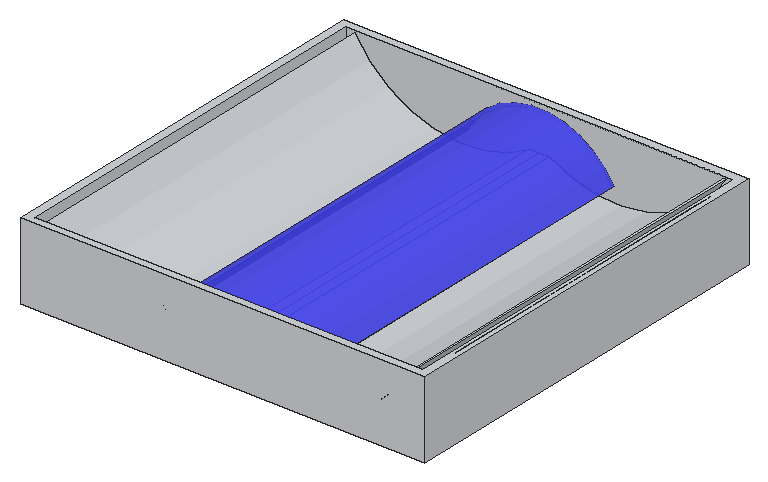
Revit family "LTRE22-SURFACE", category Lighting Fixtures, host Face, Revit 2021
Family settings
  Host = Face
  Round Connector Dimension = Use Diameter
  Part Type = Normal
  Cut with Voids When Loaded = No
  Light Source = Yes
  Shared = No
  Room Calculation Point = No
Parameters (values of type "LTRE24-40MLG-RFA-ESD")
  Wattage Comments = "51"
  Wattage = 9.2903 W
  WIDTH = 2' - 0"
  built-in parameter 1150110 = 1 (stored number, unit not read)
  Voltage = 0 V
  URL = "https://www.currentlighting.com/columbia"
  built-in parameter 1114217 = 1 (stored number, unit not read)
  Tilt Angle = 90.00°
  built-in parameter 1150109 = 1 (stored number, unit not read)
  built-in parameter 1150134 = 3
  built-in parameter 1150113 = 1 (stored number, unit not read)
  Shield = Glass
  Product Page URL = ""
  Product Documentation Link = ""
  Power Factor = 1
  Photometric Web File = "6828.ies"
  Number of Poles = 1
  Model = "LTRE22"
  Manufacturer = "COLUMBIA"
  built-in parameter 1150105 = -1556640 (stored number, unit not read)
  Lumens = 1380 lm
  built-in parameter 1150115 = 1 (stored number, unit not read)
  built-in parameter 1150137 = (empty or 0)
  built-in parameter 1150139 = (empty or 0)
  built-in parameter 1150112 = 1 (stored number, unit not read)
  built-in parameter 1150114 = 1 (stored number, unit not read)
  Lamp = ""
  LEGNTH = 4' - 6"
  built-in parameter 1150132 = (empty or 0)
  built-in parameter 1150102 = (empty or 0)
  built-in parameter 1150107 = 3200 (stored number, unit not read)
  built-in parameter 1150138 = (empty or 0)
  built-in parameter 1150106 = -15566.4 (stored number, unit not read)
  Emit from Line Length = 2' - 0"
  built-in parameter 1150104 = 13.8 (stored number, unit not read)
  Dimming Lamp Color Temperature Shift = <None>
  Default Elevation = 4' - 0"
  Color Filter = 16777215
  built-in parameter 1114218 = 1 (stored number, unit not read)
  built-in parameter 1150133 = 10 (stored number, unit not read)
  Apparent Load = 0 VA
Types (19): name | Wattage Comments | URL | Photometric Web File
  (no name) | "51" | "https://www.currentlighting.com/columbia" | "6828.ies"
  LTRE22-30HLG-RFA-EU | "40" | "https://www.currentlighting.com/columbia" | "6811.ies"
  LTRE22-30LWG-RFA-EU | "24" | "https://www.currentlighting.com/columbia" | "6805.ies"
  LTRE22-30MLG-RFA-EU | "30" | "https://www.currentlighting.com/columbia" | "6808.ies"
  LTRE22-30VLG-RFA-EU | "51" | "https://www.currentlighting.com/columbia" | "6814.ies"
  LTRE22-35HLG-RFA-EU | "40" | "https://www.currentlighting.com/columbia" | "6812.ies"
  LTRE22-35LWG-RFA-EU | "24" | 0' - 0" | "6806.ies"
  LTRE22-35MLG-RFA-EU | "30" | "https://www.currentlighting.com/columbia" | "6809.ies"
  LTRE22-35VLG-RFA-EU | "51" | "https://www.currentlighting.com/columbia" | "6815.ies"
  LTRE22-40HLG-RFA-EU | "40" | "https://www.currentlighting.com/columbia" | "6813.ies"
  LTRE22-40LWG-RFA-EU | "24" | "https://www.currentlighting.com/columbia" | "6807.ies"
  LTRE22-40MLG-RFA-EU | "24" | "https://www.currentlighting.com/columbia" | "6807.ies"
  LTRE22-40VLG-RFA-EU | "51" | "https://www.currentlighting.com/columbia" | "6816.ies"
  LTRE24-30LWG-RFA-EU | "40" | "https://www.currentlighting.com/columbia" | "6823.ies"
  LTRE24-30MLG-RFA-ESD | "51" | "https://www.currentlighting.com/columbia" | "6826.ies"
  LTRE24-35LWG-RFA-EU | "40" | "https://www.currentlighting.com/columbia" | "6824.ies"
  LTRE24-35MLG-RFA-ESD | "51" | "https://www.currentlighting.com/columbia" | "6827.ies"
  LTRE24-40LWG-RFA-ESD | "40" | "https://www.currentlighting.com/columbia" | "6825.ies"
  LTRE24-40MLG-RFA-ESD | "51" | "https://www.currentlighting.com/columbia" | "6828.ies"
Reference planes (in)
  plane 1 "Center (Front/Back)": y = 0
  plane 2: z = 0
  plane 3 "Center (Left/Right)": x = 0
  plane 4: x = -12.5
  plane 5: y = 12.5
  plane 6: y = -12.5
  plane 7: x = 12.5
  plane 8: z = -4
  plane 9: x = -12
  plane 10: y = 12
  plane 11: x = 12
  plane 12: y = -12
  plane 13: x = -4.63604
  plane 14: x = 4.63604
Forms (in)
  Extrusion 1, solid
    sketch origin (0, 0, 4.75) x (1, 0, 0) y (0, 1, 0)
      loop
        line (-12.5, 12.5) -> (-12.5, -12.5) -> (12.5, -12.5) -> (12.5, 12.5) -> (-12.5, 12.5)
    from 0 to -4.75
  Extrusion 2, void
    sketch origin (0, 0, 4.75) x (1, 0, 0) y (0, 1, 0)
      loop
        line (-12, 12) -> (-12, -12) -> (12, -12) -> (12, 12) -> (-12, 12)
    from 0 to -4
  Extrusion 3, solid
    sketch origin (0, 0, 4.75) x (1, 0, 0) y (0, 0, 1)
      loop
        line (0, -2.75) -> (-0.61819, -2.75)
        arc (-0.61819, -2.75) -> (-6.56796, -3.67674) -> (-11.43038, -0.12492) r 7.86748
        line (-11.43038, -0.12492) -> (-11.49076, -0.1853)
        arc (-11.49076, -0.1853) -> (-6.60832, -3.81529) -> (-0.60424, -2.83246) r 7.79718
        line (-0.60424, -2.83246) -> (0, -2.83246) -> (0.60424, -2.83246)
        arc (0.60424, -2.83246) -> (6.60832, -3.81529) -> (11.49076, -0.1853) r 7.79718
        line (11.49076, -0.1853) -> (11.43038, -0.12492)
        arc (11.43038, -0.12492) -> (6.56796, -3.67674) -> (0.61819, -2.75) r 7.86748
        line (0.61819, -2.75) -> (0, -2.75)
    from 12 to -12
  Extrusion 4, solid, material "Glass" <- "Shield"
    sketch origin (0, 0, 4.75) x (1, 0, 0) y (0, 0, 1)
      loop
        line (-4.60467, -2.94299) -> (-4.44291, -3.10475)
        arc (-4.44291, -3.10475) -> (0.04419, -0.4044) -> (4.53129, -3.10475) r 5.07822
        line (4.53129, -3.10475) -> (4.63604, -3)
        arc (4.63604, -3) -> (0.03254, -0.24055) -> (-4.60467, -2.94299) r 5.27405
    from 12 to -12
Cuts and joins
  Extrusion 2 cuts Extrusion 1
Dimensions and locks (in)
  aligned and locked: plane 2 to host face
  aligned and locked: level to host face
Connectors (in)
  electrical at (0, 0, 0), driven by "Number of Poles", driven by "Voltage", driven by "Apparent Load", driven by "Power Factor"
    settings: on host face, index 1, voltage 0 V, apparent load 0 VA, apparent load phase1 0 VA, apparent load phase2 0 VA, apparent load phase3 0 VA, power factor 1, load classification "Other", number of poles 1, system type 31, power factor state 1, is connector primary yes, connector utility yes, sub classification motor no, connector description "Power"
